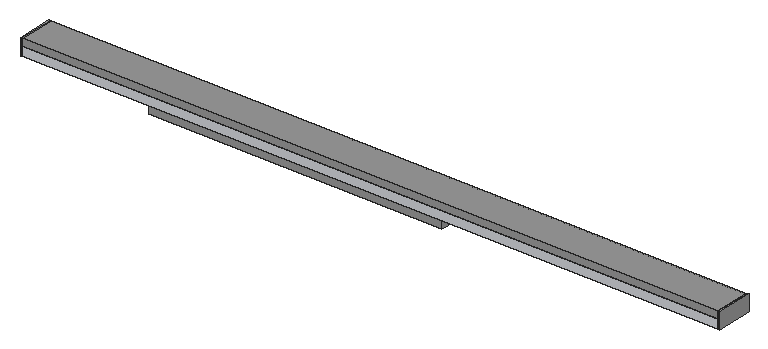
Revit family "Alcon-12172-Revit-Family", category Lighting Fixtures, host Face, Revit 2023
Family settings
  Host = Face
  Round Connector Dimension = Use Diameter
  Part Type = Normal
  Cut with Voids When Loaded = No
  Light Source = Yes
  Maintain Annotation Orientation = No
  Shared = Yes
  Room Calculation Point = No
Parameters
  Wattage = 9.2903 W
  built-in parameter 1150110 = 1 (stored number, unit not read)
  URL = "https://www.alconlighting.com/"
  Traslucent Lens = Traslucent Lens
  built-in parameter 1114217 = 1 (stored number, unit not read)
  Tilt Angle = 90.00°
  built-in parameter 1150109 = 1 (stored number, unit not read)
  built-in parameter 1150134 = 3
  built-in parameter 1150113 = 1 (stored number, unit not read)
  Photometric Web File = "Alcon-12172-IES.IES"
  Model = "12172"
  Manufacturer = "Alcon Lighting"
  built-in parameter 1150105 = 109.82 (stored number, unit not read)
  Lumens = 1380 lm
  built-in parameter 1150115 = 1 (stored number, unit not read)
  built-in parameter 1150137 = (empty or 0)
  built-in parameter 1150139 = (empty or 0)
  built-in parameter 1150112 = 1 (stored number, unit not read)
  built-in parameter 1150114 = 1 (stored number, unit not read)
  built-in parameter 1150132 = 2
  built-in parameter 1150102 = (empty or 0)
  built-in parameter 1150107 = 3200 (stored number, unit not read)
  built-in parameter 1150138 = (empty or 0)
  built-in parameter 1150106 = 1.0982 (stored number, unit not read)
  Housing = Housing
  Emit from Rectangle Width = 0' - 2 11/32"
  Emit from Rectangle Length = 3' - 10 205/256"
  Emit Shape Visible in Rendering = yes
  built-in parameter 1150104 = 13.8 (stored number, unit not read)
  Dimming Lamp Color Temperature Shift = (empty or 0)
  Default Elevation = 4' - 0"
  Color Filter = 16777215
  built-in parameter 1114218 = 1 (stored number, unit not read)
  built-in parameter 1150133 = 10 (stored number, unit not read)
Reference planes (in)
  plane 1 "Center (Front/Back)": y = 0
  plane 2: z = 0
  plane 3 "Center (Left/Right)": x = 0
Forms (in)
  Extrusion 1, solid, material "Housing" <- "Housing"
    sketch origin (0, 0, 0) x (1, 0, 0) y (0, 1, 0)
      loop
        line (-23.4, 1.2) -> (-23.525, 1.2) -> (-23.525, -1.20459) -> (-23.4, -1.20459) -> (-23.4, 1.2)
      loop
        line (23.4, 1.2) -> (23.4, -1.20459) -> (23.525, -1.20459) -> (23.525, 1.2) -> (23.4, 1.2)
    from 1.2 to 2.28
  Extrusion 2, solid, material "Traslucent Lens" <- "Traslucent Lens"
    sketch origin (-23.4, 0.5326, 0) x (0, 1, 0) y (0, 0, 1)
      loop
        line (0.6674, 1.83) -> (0.6674, 2.28) -> (-1.73719, 2.28) -> (-1.73719, 1.83) -> (-1.70594, 1.83) -> (-1.70594, 2.24875) -> (0.63615, 2.24875) -> (0.63615, 1.83) -> (0.6674, 1.83)
    from 0 to 46.8
  Extrusion 3, solid, material "Housing" <- "Housing"
    sketch origin (0, 0, 0) x (0, 1, 0) y (0, 0, 1)
      loop
        line (-0.22092, 0) -> (0.22092, 0) -> (0.22092, 1.02497) -> (0.57069, 1.02497) -> (0.57069, 1.2) -> (-0.57069, 1.2) -> (-0.57069, 1.02497) -> (-0.22092, 1.02497) -> (-0.22092, 0)
    from -15.65391 to 4.06484
  Extrusion 4, solid, material "Housing" <- "Housing"
    sketch origin (0, 0.23372, 1.2) x (1, 0, 0) y (0, -1, 0)
      loop
        line (16.96978, -0.33697) -> (18.11929, -0.33697) -> (18.11929, 0.80441) -> (16.96978, 0.80441) -> (16.96978, -0.33697)
    from 0 to 0.0625
  Extrusion 5, solid, material "Housing" <- "Housing"
    sketch origin (0, 0.23372, 1.1375) x (0, 1, 0) y (1, 0, 0)
      loop
        line (0.01628, 17.20414) -> (0.01628, 17.88493) -> (-0.48372, 17.88493) -> (-0.48372, 17.20414) -> (0.01628, 17.20414)
    from 0 to 0.5575
  Extrusion 6, solid
    sketch origin (0, 0, 0) x (0, 1, 0) y (0, 0, 1)
      loop
        line (1.2, 1.2) -> (1.2, 1.83) -> (-1.20459, 1.83) -> (-1.20459, 1.2) -> (-0.57069, 1.2) -> (-0.57069, 1.2625) -> (0.57069, 1.2625) -> (0.57069, 1.2) -> (1.2, 1.2)
    from -23.4 to 23.4
Lines and regions (in)
  reference lines
    curve 1: line (-23.525, 13, 0) -> (-23.525, -14, 0)
    curve 2: line (23.525, 13, 0) -> (23.525, -14, 0)
    curve 3: line (-23.4, 13, 0) -> (-23.4, -14, 0)
    curve 4: line (23.4, 13, 0) -> (23.4, -14, 0)
Dimensions and locks (in)
  aligned and locked: plane 2 to host face
  aligned and locked: level to host face
  aligned and locked: Extrusion 3 sketch curve to level
  aligned and locked: Extrusion 1 to curve 2
  aligned and locked: Extrusion 6 to curve 3
  aligned and locked: curve 4 to Extrusion 6
